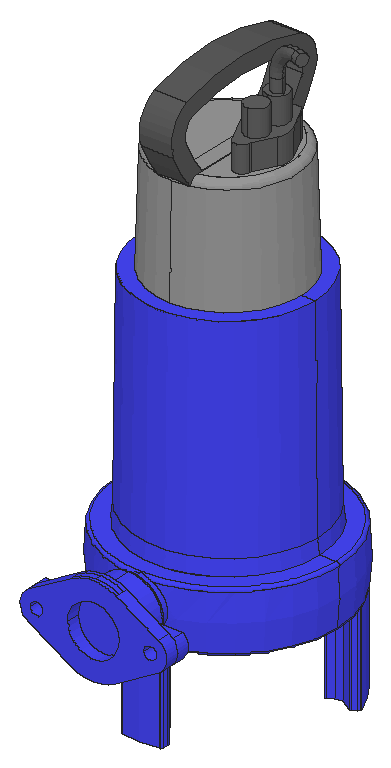
Revit family "BIM_Model_Piranha_50_08_D_rfa", category Mechanical Equipment, Revit 2018
Family settings
  Round Connector Dimension = Use Radius
  Part Type = Normal
  Work Plane-Based = No
  Always vertical = Yes
  Cut with Voids When Loaded = No
  Shared = No
  Room Calculation Point = No
Parameters (values of type "PIRANHA_08_D")
  Weight (kg) [instance] = "18"
  Volute = Cast Iron EN-GJL-250
  Upper Lid = Stainless steel 1.4301 (AISI 304)
  Speed (r/min) = 2900
  Rotor Shaft = Stainless steel 1.4021 (AISI 420)
  Rated Voltage (V) = "400 3~"
  Rated Current (A) = "2.71"
  Product Specification Link = "https://www.sulzer.com/en/shared/products/2017/03/28/14/16/submersible-grinder-pump-type-abs-piranha"
  Motor Power (kW) = "P1=1.34 P2=1..00"
  Motor Housing = Cast Iron EN-GJL-250
  Model = "Type ABS Piranha 08"
  Manufacturer = "Sulzer"
  Impeller = Polyamide
  Head(m) = 75 mm
  Flange DN [instance] = "32"
  Fasteners = Stainless steel 1.4401 (AISI 316)
  Discharge DN 32 [instance] = 32 mm / 2  # 16 mm
  Discharge Connection [instance] = "G 1¼”"
  Description = "Submersible pumps for problem-free pumping of sewage\r\ncontaining faecal matter in pipe lines from 1¼” (DN 32)."
  Capacity(m3/hr) = 30.00 m³
  Cable Type (H07RN-F) = "4G1.0"
  Cable Length (m) = "As Per Specification"
  Assembly Code = ""
Reference planes
  plane 1 "Center (Front/Back)": y = 0
  plane 2: z = 0
  plane 3 "Center (Left/Right)": x = 0
  plane 4: z = 51
  plane 5: z = 88.2
  plane 6: x = 12.5
  plane 7: x = -12.5
  plane 8: through (0, 136.224, 289.935) normal (0, 0.2588, 0.9659)
  plane 9: y = -130
  plane 10: y = -120
  plane 11: z = 71.5
  plane 12: y = -88
  plane 13: z = 109.5
  plane 14: y = -14.657
  plane 15: y = -29.657
  plane 16: z = 401
  plane 17: z = 335.5
  plane 18: z = 304.5
  plane 19: through (30, -10, 1200) normal (0.3557, 0.9346, 0)
  plane 20: y = -120
Forms (mm)
  Revolve 1, solid, material "Cast Iron EN-GJL-250" <- "Motor Housing"
    sketch origin (0, 0, 0) x (1, 0, 0) y (0, 0, 1)
      loop
        line (69.788, 128.884) -> (67.653, 292) -> (0, 292) -> (0, 70) -> (83.536, 70)
        arc (83.536, 70) -> (84.513, 70.361) -> (85.019, 71.271) r 1.5
        arc (85.019, 71.271) -> (86.936, 92.846) -> (86.062, 114.488) r 168.026
        arc (86.062, 114.488) -> (85.327, 116.264) -> (83.551, 117) r 2.512
        line (83.551, 117) -> (71.151, 117)
        arc (71.151, 117) -> (70.516, 122.947) -> (69.788, 128.884) r 381.445
      axis (0, 292) -> (0, 70)
    angle from 0 to 360
  Extrusion 2, solid, material "Neoprene"
    sketch origin (-1520, -68.65, 401) x (-1, 0, 0) y (0, 1, 0)
      loop
        line (-1556.681, 45.311) -> (-1556.069, 43.549)
        arc (-1556.069, 43.549) -> (-1550, 38.482) -> (-1543.931, 43.549) r 6.168
        line (-1543.931, 43.549) -> (-1543.319, 45.311) -> (-1535.2, 60.982)
        arc (-1535.2, 60.982) -> (-1533.332, 68.65) -> (-1535.2, 76.317) r 16.668
        line (-1535.2, 76.317) -> (-1543.319, 91.989) -> (-1543.931, 93.75)
        arc (-1543.931, 93.75) -> (-1550, 98.818) -> (-1556.069, 93.75) r 6.168
        line (-1556.069, 93.75) -> (-1556.681, 91.989) -> (-1564.8, 76.317)
        arc (-1564.8, 76.317) -> (-1566.668, 68.65) -> (-1564.8, 60.982) r 16.668
        line (-1564.8, 60.982) -> (-1556.681, 45.311)
    from 0 to 20
  Extrusion 3, solid, material "Neoprene"
    sketch origin (-1520, -68.65, 401) x (-1, 0, 0) y (0, 1, 0)
      loop
        circle (-1550, 58.65) r 8.659
      loop
        circle (-1550, 78.65) r 8.659
    from 0 to -20
  Revolve 4, solid, material "Stainless steel 1.4301 (AISI 304)" <- "Upper Lid"
    sketch origin (0, 0, 0) x (0, 1, 0) y (0, 0, 1)
      loop
        line (48.025, 381) -> (0, 381) -> (0, 292) -> (56.499, 292)
        arc (56.499, 292) -> (55.901, 333.701) -> (54.014, 375.364) r 1349.351
        arc (54.014, 375.364) -> (52.137, 379.369) -> (48.025, 381) r 6
      axis (0, 381) -> (0, 292)
    angle from 0 to 360
  Extrusion 5, solid, material "Cast Iron EN-GJL-250" <- "Motor Housing"
    sketch origin (0, 0, 0) x (1, 0, 0) y (0, 1, 0)
      loop
        line (74.507, 25.114) -> (75.476, 25.051) -> (79.123, 27.157) -> (79.835, 28.73) -> (79.696, 29.514)
        arc (79.696, 29.514) -> (73.6, 42.493) -> (65.408, 54.262) r 84.986
        line (65.408, 54.262) -> (64.798, 54.774) -> (63.08, 54.944) -> (59.433, 52.839) -> (59.003, 51.968) -> (59.003, 39.939) -> (55.38, 35.693) -> (51.103, 33.027)
        spline (51.103, 33.027) -> (50.942, 32.912) -> (50.797, 32.778) -> (50.67, 32.628) -> (50.563, 32.463) -> (50.478, 32.287) -> (50.416, 32.102) -> (50.378, 31.912) -> (50.366, 31.719) -> (50.378, 31.526) -> (50.415, 31.337) -> (50.477, 31.155) -> (50.561, 30.983)
        line (50.561, 30.983) -> (52.113, 28.296)
        spline (52.113, 28.296) -> (52.22, 28.136) -> (52.346, 27.992) -> (52.491, 27.866) -> (52.652, 27.759) -> (52.825, 27.673) -> (53.009, 27.61) -> (53.2, 27.571) -> (53.396, 27.557) -> (53.592, 27.567) -> (53.785, 27.602) -> (53.974, 27.661) -> (54.153, 27.743)
        line (54.153, 27.743) -> (58.601, 30.114) -> (64.089, 31.129) -> (74.507, 25.114)
      loop
        line (-15.036, -83.504) -> (-14.289, -83.776)
        arc (-14.289, -83.776) -> (0, -84.986) -> (14.288, -83.776) r 84.986
        line (14.288, -83.776) -> (15.036, -83.504) -> (16.043, -82.101) -> (16.043, -77.89) -> (15.504, -77.082) -> (5.086, -71.067) -> (3.221, -65.807) -> (3.051, -60.77)
        spline (3.051, -60.77) -> (3.032, -60.573) -> (2.988, -60.381) -> (2.922, -60.195) -> (2.833, -60.02) -> (2.723, -59.859) -> (2.593, -59.713) -> (2.447, -59.585) -> (2.286, -59.477) -> (2.113, -59.392) -> (1.931, -59.329) -> (1.743, -59.292) -> (1.551, -59.279)
        line (1.551, -59.279) -> (-1.551, -59.279)
        spline (-1.551, -59.279) -> (-1.743, -59.292) -> (-1.931, -59.329) -> (-2.113, -59.392) -> (-2.286, -59.477) -> (-2.447, -59.585) -> (-2.593, -59.713) -> (-2.723, -59.859) -> (-2.833, -60.02) -> (-2.922, -60.195) -> (-2.988, -60.381) -> (-3.032, -60.573) -> (-3.051, -60.77)
        line (-3.051, -60.77) -> (-3.221, -65.807) -> (-5.086, -71.067) -> (-15.504, -77.082) -> (-16.043, -77.89) -> (-16.043, -82.101) -> (-15.036, -83.504)
      loop
        line (-79.696, 29.514) -> (-79.835, 28.73) -> (-79.123, 27.157) -> (-75.476, 25.051) -> (-74.507, 25.114) -> (-64.089, 31.129) -> (-58.601, 30.114) -> (-54.153, 27.743)
        spline (-54.153, 27.743) -> (-53.974, 27.661) -> (-53.785, 27.602) -> (-53.592, 27.567) -> (-53.396, 27.557) -> (-53.2, 27.571) -> (-53.009, 27.61) -> (-52.825, 27.673) -> (-52.652, 27.759) -> (-52.491, 27.866) -> (-52.346, 27.992) -> (-52.22, 28.136) -> (-52.113, 28.296)
        line (-52.113, 28.296) -> (-50.561, 30.983)
        spline (-50.561, 30.983) -> (-50.477, 31.155) -> (-50.415, 31.337) -> (-50.378, 31.526) -> (-50.366, 31.719) -> (-50.378, 31.912) -> (-50.416, 32.102) -> (-50.478, 32.287) -> (-50.563, 32.463) -> (-50.67, 32.628) -> (-50.797, 32.778) -> (-50.942, 32.912) -> (-51.103, 33.027)
        line (-51.103, 33.027) -> (-55.38, 35.693) -> (-59.003, 39.939) -> (-59.003, 51.968) -> (-59.433, 52.839) -> (-63.08, 54.944) -> (-64.798, 54.774) -> (-65.408, 54.262)
        arc (-65.408, 54.262) -> (-73.6, 42.493) -> (-79.696, 29.514) r 84.986
    from 0 to 71.5
  Extrusion 6, solid, material "Handle"
    sketch origin (0, 0, 48.8) x (0, 1, 0) y (0, 0, 1)
      loop
        line (-52.52, 326.564) -> (52.52, 326.564)
        arc (52.52, 326.564) -> (60.945, 339.106) -> (67.857, 352.541) r 130
        arc (67.857, 352.541) -> (68.306, 371.713) -> (55.041, 385.563) r 25
        arc (55.041, 385.563) -> (0, 394.7) -> (-55.041, 385.563) r 170.348
        arc (-55.041, 385.563) -> (-68.306, 371.713) -> (-67.857, 352.541) r 25
        arc (-67.857, 352.541) -> (-60.945, 339.106) -> (-52.52, 326.564) r 130
      loop
        line (-40.62, 331.633) -> (40.62, 331.633)
        arc (40.62, 331.633) -> (49.368, 344.105) -> (56.429, 357.605) r 117.5
        arc (56.429, 357.605) -> (56.732, 366.982) -> (50.426, 373.929) r 12.5
        arc (50.426, 373.929) -> (0, 382.2) -> (-50.426, 373.929) r 157.848
        arc (-50.426, 373.929) -> (-56.732, 366.982) -> (-56.429, 357.605) r 12.5
        arc (-56.429, 357.605) -> (-49.368, 344.105) -> (-40.62, 331.633) r 117.5
    from -12.5 to 12.5
  Sweep 7, solid, material "Neoprene"
    path origin (23.633, -7.577, 1253.909) x (-0.934603, 0.355692, 0) y (0, 0, 1)
      loop
        line (0.301, -872.909) -> (0.301, -822.909)
        arc (0.301, -822.909) -> (-7.021, -805.231) -> (-24.699, -797.909) r 25
        line (-24.699, -797.909) -> (-29.699, -797.909)
    profile origin (23.351, -7.47, 406) x (0.934603, -0.355692, 0) y (0.355692, 0.934603, 0)
      loop
        circle (0, 18.692) r 4.5
  Revolve 8, solid, material "Cast Iron EN-GJL-250" <- "Motor Housing"
    sketch origin (0, 0, 0) x (0, 1, 0) y (0, 0, 1)
      loop
        arc (-92.534, 117) -> (-93.229, 117.281) -> (-93.534, 117.965) r 1
        line (-93.534, 117.965) -> (-93.608, 120.087)
        arc (-93.608, 120.087) -> (-94.314, 121.793) -> (-96.021, 122.5) r 2.413
        line (-96.021, 122.5) -> (-117.5, 122.5)
        arc (-117.5, 122.5) -> (-119.268, 123.232) -> (-120, 125) r 2.5
        line (-120, 125) -> (-120, 129)
        arc (-120, 129) -> (-120.732, 130.768) -> (-122.5, 131.5) r 2.5
        line (-122.5, 131.5) -> (-127.5, 131.5)
        arc (-127.5, 131.5) -> (-129.268, 130.768) -> (-130, 129) r 2.5
        line (-130, 129) -> (-130, 96.5) -> (-55.244, 96.5) -> (-55.244, 117) -> (-92.534, 117)
      axis (-55.244, 96.5) -> (-130, 96.5)
    angle from 0 to 360
  Extrusion 9, solid, material "Cast Iron EN-GJL-250" <- "Motor Housing"
    sketch origin (0, -130, 123) x (0, 0, -1) y (-1, 0, 0)
      loop
        line (15.242, 50.5) -> (-3.811, 17.5)
        arc (-3.811, 17.5) -> (-8.5, 0) -> (-3.811, -17.5) r 35
        line (-3.811, -17.5) -> (15.242, -50.5)
        arc (15.242, -50.5) -> (26.5, -57) -> (37.758, -50.5) r 13
        line (37.758, -50.5) -> (56.811, -17.5)
        arc (56.811, -17.5) -> (61.5, 0) -> (56.811, 17.5) r 35
        line (56.811, 17.5) -> (37.758, 50.5)
        arc (37.758, 50.5) -> (26.5, 57) -> (15.242, 50.5) r 13
      loop
        circle (26.5, 44) r 5
      loop
        circle (26.5, -44) r 5
    from 0 to 10
  Extrusion 10, solid, material "Cast Iron EN-GJL-250" <- "Motor Housing"
    sketch origin (0, -120, 50.937) x (0, 0, -1) y (-1, 0, 0)
      loop
        line (-54.563, 53.381) -> (-54.563, -53.381)
        arc (-54.563, -53.381) -> (-45.563, -57) -> (-36.563, -53.381) r 13
        line (-36.563, -53.381) -> (-36.563, 53.381)
        arc (-36.563, 53.381) -> (-45.563, 57) -> (-54.563, 53.381) r 13
      loop
        circle (-45.563, 44) r 5
      loop
        circle (-45.563, -44) r 5
    from 0 to 10
  Extrusion 11, void
    sketch origin (0, -130, 123) x (0, 0, 1) y (-1, 0, 0)
      loop
        circle (-26.5, 0) r 20
    from 0 to -10
Cuts and joins
  Extrusion 11 cuts Revolve 1
  Extrusion 11 cuts Revolve 8
  Extrusion 11 cuts Extrusion 9
  Extrusion 11 cuts Extrusion 10
  joined: Revolve 1, Revolve 8, Extrusion 9, Extrusion 10
Dimensions and locks
  plane 3 "Center (Left/Right)" to plane 6 = 12.5 mm
  plane 7 to plane 3 "Center (Left/Right)" = 12.5 mm
  plane 5 to plane 2 = 88.2 mm
  plane 11 to plane 2 = 71.5 mm
  plane 1 "Center (Front/Back)" to plane 12 = 88 mm
  plane 13 to plane 2 = 109.5 mm
  plane 16 to plane 2 = 401 mm
  plane 16 to plane 17 = 65.5 mm
  plane 18 to plane 2 = 304.5 mm
  plane 6 to plane 3 "Center (Left/Right)" = 12.5 mm
  plane 3 "Center (Left/Right)" to plane 7 = 12.5 mm
  plane 20 to plane 9 = 10 mm
  aligned and locked: level to plane 2
  aligned and locked: Extrusion 5 to level
  aligned and locked: plane 11 to Extrusion 5
  aligned and locked: Extrusion 6 to plane 7
  aligned and locked: plane 6 to Extrusion 6
  aligned and locked: plane 10 to Extrusion 9
  aligned and locked: Extrusion 10 to plane 10
  aligned and locked: Extrusion 11 to plane 20
  aligned and locked: plane 10 to Extrusion 11
  aligned and locked: Extrusion 5 to plane 2
Connectors
  piping at (0, -130, 96.5), diameter 32, driven by "Discharge DN 32"
    settings: on cut or joined group of Revolve 1, Revolve 8, Extrusion 9, Extrusion 10, Extrusion 11, index 1, connector inside diameter 32 mm, connector length 0 mm, flow factor 0, pipe flow 0.0 L/s, pressure drop 0.0 Pa, fitting loss kfactor 0, connector angle 0.00°, fixture units 0, engagement length 0 mm, angle of deflection 0.00°, flow configuration 0, flow direction 0, fitting loss method 0, system type 29, joint type 0, gender type 0, connector reference index -1, connector utility 0, adjustable connector no, is connector primary yes, connector description "Discharge"
